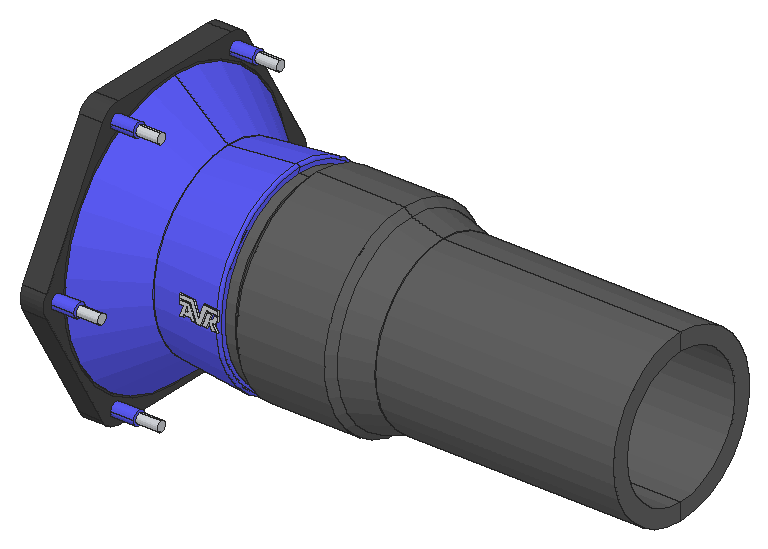
Revit family "635-00-001 DN200-250", category Pipe Accessories, Revit 2022
Family settings
  Round Connector Dimension = Use Diameter
  Part Type = Valve - Breaks Into
  Work Plane-Based = No
  Always vertical = No
  Cut with Voids When Loaded = No
  Shared = No
Parameters (values of type "DN0250_PN16_OD_250")
  Thickness = OD * 0.2  # 25.00 mm
  SR2 = size_lookup(Search_table, "SR2", 0.00 mm, DN) / 2  # 150.50 mm
  SR1 = size_lookup(Search_table, "SR1", 0.00 mm, DN) / 2  # 133.00 mm
  Ring_dis = size_lookup(Search_table, "Ring_dis", 0.00 mm, DN)  # 385.00 mm
  Ring_dia3 = Ring_dia2 * 1.1  # 144.859 mm
  Ring_dia2 = ((Ring_Dia1 - OD) / 2) + OD  # 131.69 mm
  Ring_Dia1 = Ring_Dia * 0.935  # 138.38 mm
  Ring_Dia = size_lookup(Search_table, "Ring_Dia", 0.00 mm, DN) / 2  # 148.00 mm
  PCD = D1 - 10.00 mm  # 196.125 mm
  OD = size_lookup(Search_table, "OD", 0.00 mm, DN) / 2  # 125.00 mm
  L5 = L4 * 1.25  # 323.40 mm
  L4-L3 = (L4 - L3) * 0.7  # 16.464 mm
  L4 = L3 * 1.1  # 258.72 mm
  L3 = L * 0.3  # 235.20 mm
  L1 = size_lookup(Search_table, "L1", 0.00 mm, DN)  # 353.00 mm
  L = size_lookup(Search_table, "L", 0.00 mm, DN)  # 784.00 mm
  FLange_T1 = Bolt_End_dis * 1.1  # 113.30 mm
  FL_T2 = FL_T / 2  # 35.00 mm
  FL_T = size_lookup(Search_table, "FL_T", 0.00 mm, DN)  # 70.00 mm
  DN0225_PN16_OD_250 = "635-257-00-166"
  DN0200_PN16_OD_225 = "635-228-00-166"
  D3 = D * 0.3  # 72.75 mm
  D2 = SR1 * 1.1  # 146.30 mm
  D12 = D11 - 10.00 mm  # 220.375 mm
  D11 = D * 0.95  # 230.375 mm
  D1 = D * 0.85  # 206.125 mm
  Cap_Radius = size_lookup(Search_table, "Cap_Radius", 0.00 mm, DN)  # 33.00 mm
  Bore = size_lookup(Search_table, "Bore", 0.00 mm, DN)  # 125.00 mm
  Bolt_End_dis = size_lookup(Search_table, "Bolt_End_dis", 0.00 mm, DN)  # 103.00 mm
  7 = 7.00 mm  # constant formula
  4 = 4.00 mm  # constant formula
  DN0250_PN16_OD_250 = "635-301-00-166"
  DN = 250.00 mm
  Description_ = "AVK SUPA MAXI™ TRANSITION COUPLING, PE100/PN16"
  Default Elevation = 0.00 mm
  DN0200_PN16_OD_200 = "635-227-00-166"
  Search_table = "635-00-001 DN200-250"
  URL product pages = "https://www.avkvalves.com/P.aspx?no=63507100166"
  D = size_lookup(Search_table, "D", 0.00 mm, DN) / 2  # 242.50 mm
  2 = 2.00 mm  # constant formula
  12 = 11.00 mm  # constant formula
  10 = 10.00 mm  # constant formula
  1 = 1.00 mm  # constant formula
Types (5, lengths in mm): name | Thickness | SR2 | SR1 | Ring_dis | Ring_dia3 | Ring_dia2 | Ring_Dia1 | Ring_Dia | PCD | OD | L5 | L4-L3 | L4 | L3 | L1 | L | FLange_T1 | FL_T2 | FL_T | D3 | D2 | D12 | D11 | D1 | Cap_Radius | Bore | Bolt_End_dis | DN | D
  (no name) | 25.00 | 150.50 | 133.00 | 385.00 | 144.859 | 131.69 | 138.38 | 148.00 | 196.125 | 125.00 | 323.40 | 16.464 | 258.72 | 235.20 | 353.00 | 784.00 | 113.30 | 35.00 | 70.00 | 72.75 | 146.30 | 220.375 | 230.375 | 206.125 | 33.00 | 125.00 | 103.00 | 250.00 | 242.50
  DN0200_PN16_OD_200 | 20.00 | 113.50 | 96.50 | 280.00 | 117.996 | 107.269 | 114.537 | 122.50 | 155.75 | 100.00 | 267.30 | 13.608 | 213.84 | 194.40 | 288.00 | 648.00 | 106.70 | 33.50 | 67.00 | 58.50 | 106.15 | 175.25 | 185.25 | 165.75 | 24.00 | 100.00 | 97.00 | 200.00 | 195.00
  DN0200_PN16_OD_225 | 22.50 | 113.50 | 96.50 | 280.00 | 124.871 | 113.519 | 114.537 | 122.50 | 155.75 | 112.50 | 267.30 | 13.608 | 213.84 | 194.40 | 288.00 | 648.00 | 106.70 | 33.50 | 67.00 | 58.50 | 106.15 | 175.25 | 185.25 | 165.75 | 24.00 | 100.05 | 97.00 | 200.10 | 195.00
  DN0225_PN16_OD_250 | 25.00 | 128.50 | 112.00 | 380.00 | 144.859 | 131.69 | 138.38 | 148.00 | 175.725 | 125.00 | 325.05 | 16.548 | 260.04 | 236.40 | 353.00 | 788.00 | 102.30 | 35.00 | 70.00 | 65.55 | 123.20 | 197.575 | 207.575 | 185.725 | 30.00 | 112.50 | 93.00 | 225.00 | 218.50
  DN0250_PN16_OD_250 | 25.00 | 150.50 | 133.00 | 385.00 | 144.859 | 131.69 | 138.38 | 148.00 | 196.125 | 125.00 | 323.40 | 16.464 | 258.72 | 235.20 | 353.00 | 784.00 | 113.30 | 35.00 | 70.00 | 72.75 | 146.30 | 220.375 | 230.375 | 206.125 | 33.00 | 125.00 | 103.00 | 250.00 | 242.50
Reference planes
  plane 1 "Center (Front/Back)": y = 0
  plane 2: z = 0
  plane 3 "Center (Left/Right)": x = 0
  plane 4: z = 242.5
  plane 5: z = -242.5
  plane 6: x = -392
  plane 7: x = 392
  plane 8: x = 39
  plane 9: z = 125
  plane 10: z = -125
  plane 11: x = -278.7
  plane 12: z = 206.125
  plane 13: z = 133
  plane 14: x = -68.6
  plane 15: x = -156.8
  plane 16: x = -289
  plane 17: x = -322
  plane 18: through (0, 0, 0) normal (0, -0.5, 0.866)
  plane 19: through (0, 0, 0) normal (0, -0.5, -0.866)
  plane 20: through (0, 0, 0) normal (0, 0.866, -0.5)
  plane 21: through (0, 0, 0) normal (0, 0.866, 0.5)
  plane 22: z = 148
  plane 23: z = -148
  plane 24: x = -7
  plane 25: y = 242.5
  plane 26: y = -242.5
Forms (mm)
  Revolve 1, solid, material "Plastic"
    sketch origin (0, 0, 0) x (1, 0, 0) y (0, 0, 1)
      loop
        line (39, 125) -> (39, 100) -> (392, 100) -> (392, 125) -> (39, 125)
      axis (39, 0) -> (392, 0)
    angle from 0 to 360
  Revolve 2, solid, material "Poche"
    sketch origin (0, 0, 0) x (1, 0, 0) y (0, 0, 1)
      loop
        line (-388, 202.125) -> (-388, 133) -> (-278.7, 133) -> (-278.7, 138.38) -> (-357, 204.125) -> (-386, 204.125)
        arc (-386, 204.125) -> (-387.414, 203.539) -> (-388, 202.125) r 2
      axis (-278.7, 0) -> (-388, 0)
    angle from 0 to 360
  Revolve 3, solid, material "Aluminum 1100-O"
    sketch origin (0, 0, 0) x (1, 0, 0) y (0, 0, 1)
      loop
        line (-388, 206.125) -> (-392, 206.125) -> (-392, 131) -> (-357, 131) -> (-357, 133) -> (-388, 133) -> (-388, 206.125)
      axis (-392, 0) -> (-357, 0)
    angle from 0 to 360
  Revolve 4, solid, material "Poche"
    sketch origin (0, 0, 0) x (1, 0, 0) y (0, 0, 1)
      loop
        line (-173.264, 133) -> (-173.264, 144)
        arc (-173.264, 144) -> (-174.573, 146.959) -> (-177.642, 147.982) r 4
        line (-177.642, 147.982) -> (-278.7, 138.38) -> (-278.7, 133) -> (-173.264, 133)
      axis (-278.7, 0) -> (-173.264, 0)
    angle from 0 to 360
  Revolve 5, solid, material "Aluminum 1100-O"
    sketch origin (0, 0, 0) x (1, 0, 0) y (0, 0, 1)
      loop
        line (-392, 206.125) -> (-392, 196.125) -> (-357, 196.125) -> (-357, 206.125) -> (-392, 206.125)
      axis (-392, 0) -> (-357, 0)
    angle from 0 to 360
  Extrusion 6, solid, material "Poche"
    sketch origin (0, 0, 0) x (0, 1, 0) y (0, 0, 1)
      loop
        circle (110.187, 190.85) r 10
      loop
        circle (220.375, 0) r 10
      loop
        circle (-110.187, 190.85) r 10
      loop
        circle (-220.375, 0) r 10
      loop
        circle (110.187, -190.85) r 10
      loop
        circle (-110.187, -190.85) r 10
    from -382 to -322
  Revolve 7, solid, material "Plastic"
    sketch origin (0, 0, 0) x (1, 0, 0) y (0, 0, 1)
      loop
        line (-173.264, 138.38) -> (-173.264, 121) -> (-156.8, 121) -> (-156.8, 138.38) -> (-173.264, 138.38)
      axis (-173.264, 0) -> (-156.8, 0)
    angle from 0 to 360
  Revolve 8, solid, material "Plastic"
    sketch origin (0, 0, 0) x (1, 0, 0) y (0, 0, 1)
      loop
        line (-156.8, 138.38) -> (-7, 138.38) -> (-17, 148) -> (-146.8, 148) -> (-156.8, 138.38)
      axis (-156.8, 0) -> (-7, 0)
    angle from 0 to 360
  Revolve 9, solid, material "Plastic"
    sketch origin (0, 0, 0) x (1, 0, 0) y (0, 0, 1)
      loop
        line (-7, 138.38) -> (-7, 100) -> (39, 100) -> (39, 125) -> (-7, 138.38)
      axis (-7, 0) -> (39, 0)
    angle from 0 to 360
  Extrusion 10, solid, material "Aluminum 1100-O"
    sketch origin (0, 0, 0) x (0, 1, 0) y (0, 0, 1)
      loop
        line (238.079, 16.5) -> (133.329, 197.932)
        arc (133.329, 197.932) -> (121.25, 210.011) -> (104.75, 214.432) r 33
        line (104.75, 214.432) -> (-104.75, 214.432)
        arc (-104.75, 214.432) -> (-121.25, 210.011) -> (-133.329, 197.932) r 33
        line (-133.329, 197.932) -> (-238.079, 16.5)
        arc (-238.079, 16.5) -> (-242.5, 0) -> (-238.079, -16.5) r 33
        line (-238.079, -16.5) -> (-133.329, -197.932)
        arc (-133.329, -197.932) -> (-121.25, -210.011) -> (-104.75, -214.432) r 33
        line (-104.75, -214.432) -> (104.75, -214.432)
        arc (104.75, -214.432) -> (121.25, -210.011) -> (133.329, -197.932) r 33
        line (133.329, -197.932) -> (238.079, -16.5)
        arc (238.079, -16.5) -> (242.5, 0) -> (238.079, 16.5) r 33
      loop
        circle (0, 0) r 206.125
    from -392 to -357
  Extrusion 11, solid
    sketch origin (-322, -1524, 395.967) x (0, 0, 1) y (0, -1, 0)
      loop
        circle (-205.116, -1634.187) r 7
      loop
        circle (-205.116, -1413.813) r 7
      loop
        circle (-395.967, -1744.375) r 7
      loop
        circle (-395.967, -1303.625) r 7
      loop
        circle (-586.817, -1634.187) r 7
      loop
        circle (-586.817, -1413.813) r 7
    from 0 to 33
Dimensions and locks
  equal spacing: plane 7, plane 3 "Center (Left/Right)", plane 6
  "L": plane 7 to plane 6
  "L1": plane 7 to plane 8
  equal spacing: plane 4, level, plane 5
  "D": plane 4 to level
  equal spacing: plane 9, level, plane 10
  "OD": plane 9 to level
  "Thickness": plane 9 to Revolve 1 sketch curve
  "SR1": Revolve 2 sketch curve to level
  "FLange_T1": plane 11 to plane 6
  "D1": plane 12 to level
  "SR1": plane 13 to level
  "2": plane 13 to Revolve 3 sketch curve
  "FL_T2": Revolve 3 sketch curve to plane 6
  "4": Revolve 3 sketch curve to plane 6
  "L5": plane 14 to plane 6
  "FLange_T1": Revolve 2 sketch curve to plane 6
  "L3": plane 15 to plane 6
  "Ring_Dia1": Revolve 2 sketch curve to level
  "L4-L3": plane 15 to Revolve 4 sketch curve
  "Ring_Dia1": Revolve 4 sketch curve to level
  "SR1": Revolve 4 sketch curve to level
  "Ring_Dia": Revolve 4 sketch curve to level
  "FL_T2": Revolve 5 sketch curve to plane 6
  "10": plane 12 to Revolve 5 sketch curve
  "2": plane 12 to Revolve 2 sketch curve
  "FL_T2": Revolve 2 sketch curve to plane 6
  "4": Revolve 2 sketch curve to plane 6
  "Bolt_End_dis": plane 16 to plane 6
  "FL_T": plane 17 to plane 6
  "10": Extrusion 6 to plane 6
  plane 7 to plane 6 = 784.00 mm
  plane 4 to plane 5 = 485.00 mm
  plane 9 to plane 10 = 250.00 mm  (x2)
  "Ring_Dia1": Revolve 7 sketch curve to level
  "L4-L3": plane 15 to Revolve 7 sketch curve
  equal spacing: plane 22, level, plane 23
  "Ring_Dia": plane 22 to level
  "Ring_Dia1": Revolve 8 sketch curve to level
  "L3": Revolve 8 sketch curve to plane 6
  "Ring_dis": plane 24 to plane 6
  "Ring_dis": Revolve 8 sketch curve to plane 6
  "Ring_Dia": Revolve 8 sketch curve to level
  "10": Revolve 8 sketch curve to plane 15
  "10": plane 24 to Revolve 8 sketch curve
  "4": plane 9 to Revolve 7 sketch curve
  "Thickness": plane 9 to Revolve 9 sketch curve
  "OD": Revolve 9 sketch curve to level
  "Ring_dis": Revolve 9 sketch curve to plane 6
  "Ring_Dia1": Revolve 9 sketch curve to level
  equal spacing: Extrusion 10 sketch curve, plane 1 "Center (Front/Back)", Extrusion 10 sketch curve  (x2)
  equal spacing: Extrusion 10 sketch curve, plane 19, Extrusion 10 sketch curve
  equal spacing: Extrusion 10 sketch curve, plane 18, Extrusion 10 sketch curve
  "D": Extrusion 10 sketch curve to plane 18
  "D": Extrusion 10 sketch curve to plane 19
  "D": Extrusion 10 sketch curve to plane 1 "Center (Front/Back)"
  equal spacing: Extrusion 10 sketch curve, level, Extrusion 10 sketch curve
  "FL_T2": Extrusion 10 to plane 6
  equal spacing: plane 25, plane 1 "Center (Front/Back)", plane 26
  "D": plane 25 to plane 1 "Center (Front/Back)"
  plane 25 to plane 26 = 485.00 mm
  "D11": Extrusion 6 sketch curve to plane 19
  equal spacing: Extrusion 6 sketch curve, plane 20, Extrusion 6 sketch curve  (x2)
  "D11": plane 1 "Center (Front/Back)" to Extrusion 6 sketch curve
  "D11": Extrusion 6 sketch curve to plane 1 "Center (Front/Back)"
  "D11": plane 18 to Extrusion 6 sketch curve
  "D11": plane 19 to Extrusion 6 sketch curve
  equal spacing: Extrusion 6 sketch curve, level, Extrusion 6 sketch curve  (x2)
  equal spacing: Extrusion 6 sketch curve, plane 21, Extrusion 6 sketch curve  (x2)
  "D11": Extrusion 6 sketch curve to plane 18
  equal spacing: Extrusion 11 sketch curve, plane 20, Extrusion 11 sketch curve  (x2)
  "D12": Extrusion 11 sketch curve to plane 19
  equal spacing: Extrusion 11 sketch curve, plane 21, Extrusion 11 sketch curve  (x2)
  "D12": Extrusion 11 sketch curve to plane 18
  "D12": Extrusion 11 sketch curve to plane 1 "Center (Front/Back)"
  equal spacing: Extrusion 11 sketch curve, plane 1 "Center (Front/Back)", Extrusion 11 sketch curve
  "D12": plane 18 to Extrusion 11 sketch curve
  "D12": plane 19 to Extrusion 11 sketch curve
  "4": radius of Revolve 4 sketch curve
  "Cap_Radius": radius of Extrusion 10 sketch curve  (x6)
  "D1": radius of Extrusion 10 sketch curve
  radius of Extrusion 6 sketch curve = 10.00 mm  (x6)
  "7": radius of Extrusion 11 sketch curve  (x6)
  angle plane 18 to level = 30.00°
  angle level to plane 19 = 30.00°
  angle plane 1 "Center (Front/Back)" to plane 20 = 30.00°
  angle plane 21 to plane 1 "Center (Front/Back)" = 30.00°
  angle plane 19 to level = 30.00°
  angle plane 1 "Center (Front/Back)" to plane 21 = 30.00°
  angle plane 20 to plane 1 "Center (Front/Back)" = 30.00°
  angle level to plane 18 = 30.00°
  aligned and locked: level to plane 2
  aligned and locked: plane 8 to Revolve 1 sketch curve
  aligned and locked: Revolve 1 sketch curve to plane 7
  aligned and locked: Revolve 1 sketch curve to level
  aligned and locked: Revolve 1 sketch curve to plane 9
  aligned and locked: Revolve 2 sketch curve to level
  aligned and locked: plane 6 to Revolve 3 sketch curve
  aligned and locked: Revolve 3 sketch curve to level
  aligned and locked: plane 12 to Revolve 3 sketch curve
  aligned and locked: Revolve 3 sketch curve to plane 13
  aligned and locked: Revolve 4 sketch curve to level
  aligned and locked: Revolve 4 sketch curve to plane 11
  aligned and locked: plane 6 to Revolve 5 sketch curve
  aligned and locked: Revolve 5 sketch curve to plane 12
  aligned and locked: Revolve 5 sketch curve to level
  aligned and locked: plane 17 to Extrusion 6
  aligned and locked: Revolve 7 sketch curve to plane 15
  aligned and locked: Revolve 7 sketch curve to level
  aligned and locked: Revolve 8 sketch curve to level
  aligned and locked: Revolve 9 sketch curve to level
  aligned and locked: Extrusion 10 to plane 6
  aligned and locked: Extrusion 11 to plane 17
  aligned and locked: plane 16 to Extrusion 11
Automatic sketch dimensions
  plane 16 to Revolve 1 sketch curve = 2.744 mm
  Revolve 1 sketch curve to plane 6 = 82.516 mm
  Revolve 2 sketch curve to Revolve 2 sketch curve = 2.00 mm
  Revolve 2 sketch curve to plane 6 = 94.483 mm
  Revolve 2 sketch curve to plane 16 = 4.633 mm
  Revolve 3 sketch curve to plane 6 = 123.036 mm
  Revolve 3 sketch curve to Revolve 3 sketch curve = 60.00 mm
  plane 11 to Revolve 4 sketch curve = 1.418 mm
  Revolve 4 sketch curve to Revolve 4 sketch curve = 18.30 mm
  Revolve 5 sketch curve to plane 6 = 41.125 mm
  Revolve 5 sketch curve to Revolve 5 sketch curve = 55.00 mm
  plane 15 to Revolve 7 sketch curve = 13.122 mm
  Revolve 7 sketch curve to plane 14 = 22.628 mm
  plane 15 to Revolve 8 sketch curve = 11.951 mm
  Revolve 8 sketch curve to plane 14 = 18.799 mm
  Revolve 9 sketch curve to plane 8 = 0.00 mm
  Revolve 9 sketch curve to plane 14 = 15.611 mm
  Revolve 9 sketch curve to Revolve 9 sketch curve = 8.302 mm
  Extrusion 10 sketch curve to plane 21 = 0.00 mm
  plane 20 to Extrusion 10 sketch curve = 0.00 mm
  Extrusion 10 sketch curve to level = 0.00 mm  (x2)
  Extrusion 11 sketch curve to level = 0.00 mm  (x2)
Nested families
  nested 1: "logo medium-11" at (-203.359, -145.538, -0.49) x (0.9955, -0.0946, -0.0003) z (-0.0946, -0.9955, -0.0034), type "logo medium-11"
Connectors
  piping at (-392, 0, 0), diameter 250, driven by "DN"
    settings: on Revolve 5, index 1, connector inside diameter 609.6 mm, connector length 0.00 mm, flow factor 0, pipe flow 0.0 L/s, pressure drop 0.0 Pa, fitting loss kfactor 0, connector angle 0.00°, fixture units 0, engagement length 0.00 mm, angle of deflection 0.00°, flow configuration 0, flow direction 0, fitting loss method 0, system type 7, joint type 0, gender type 0, connector reference index -1, connector utility 0, adjustable connector no, is connector primary yes, connector description ""
  piping at (392, 0, 0), diameter 250, driven by "DN"
    settings: on Revolve 1, index 2, connector inside diameter 609.6 mm, connector length 0.00 mm, flow factor 0, pipe flow 0.0 L/s, pressure drop 0.0 Pa, fitting loss kfactor 0, connector angle 0.00°, fixture units 0, engagement length 0.00 mm, angle of deflection 0.00°, flow configuration 0, flow direction 0, fitting loss method 0, system type 7, joint type 0, gender type 0, connector reference index -1, connector utility 0, adjustable connector no, is connector primary no, connector description ""
Definition of nested family "logo medium-11"
  Parameters
    Default Elevation = 1219.20 mm
  Reference planes
    plane 1 "Center (Front/Back)": y = 0
    plane 2: z = 0
    plane 3 "Center (Left/Right)": x = 0
  Forms (mm)
    Extrusion 1, solid
      sketch origin (0, 0, 0) x (1, 0, 0) y (0, 1, 0)
        loop
          line (-1219.2, 1219.2) -> (-1219.2, -1219.2) -> (1219.2, -1219.2) -> (1219.2, 1219.2) -> (-1219.2, 1219.2)
      from 0 to -188.781
    Extrusion 2, solid
      sketch origin (0, 0, 0) x (1, 0, 0) y (0, 1, 0)
        loop
          line (-30.911, 14.607) -> (-12.952, 14.607) -> (-3.438, -8.594) -> (3.26, -8.594) -> (12.676, 14.607) -> (30.732, 14.607) -> (30.732, 20.529) -> (7.968, 20.529) -> (0, 0) -> (-8.195, 20.529) -> (-30.911, 20.529) -> (-30.911, 14.607)
        loop
          line (30.732, 6.453) -> (30.732, 12.569) -> (24.908, 12.569)
          arc (24.908, 12.569) -> (22.993, 7.075) -> (17.724, 4.608) r 7.492
          line (17.724, 4.608) -> (20.928, 12.569) -> (14.521, 12.569) -> (5.881, -8.594) -> (12.434, -8.594) -> (15.777, -0.405) -> (21.354, -8.594) -> (29.424, -8.594) -> (22.319, 0.649)
          arc (22.319, 0.649) -> (26.344, 2.972) -> (29.424, 6.453) r 14.456
          line (29.424, 6.453) -> (30.732, 6.453)
        loop
          line (-5.865, -8.594) -> (-14.796, 12.569) -> (-30.911, 12.569) -> (-30.911, 6.453) -> (-25.086, 6.453) -> (-30.911, -8.594) -> (-25.086, -8.594) -> (-23.728, -5.084) -> (-13.656, -5.084) -> (-12.175, -8.594) -> (-5.865, -8.594)
        loop
          line (-18.776, 7.618) -> (-21.494, 0) -> (-15.961, 0) -> (-18.776, 7.618)
      from 0 to 2
  Dimensions and locks
    aligned and locked: plane 2 to Extrusion 1
    aligned and locked: level to Extrusion 1
    aligned and locked: Extrusion 2 sketch curve to import instance  (x36)
